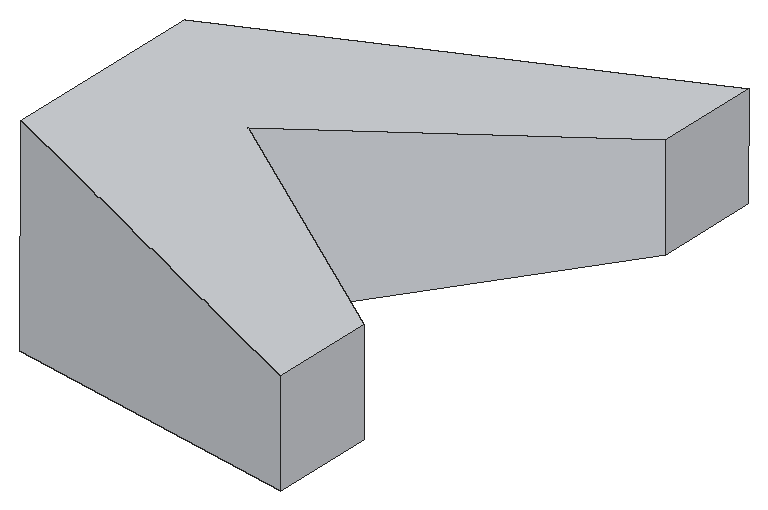
Revit family "5f623f9321c8467794fe5301d71fd99e", category Duct Fittings, Revit 2021
Family settings
  Round Connector Dimension = Use Diameter
  Part Type = Pants
  OmniClass Number = 23.75.70.14
  OmniClass Title = Air Ductwork
  Seek Item ID = Rectangular Pants - Reducing-0000-USA-ENU
  Work Plane-Based = No
  Always vertical = Yes
  Cut with Voids When Loaded = No
  Shared = No
Parameters (values of type "Standard")
  Duct Width 3 [instance] = 6"
  Duct Width 2 [instance] = 6"
  Duct Width 1 [instance] = 12"
  Duct Length 3 [instance] = Duct Width 1 / 2 + Duct Width 3 / 2 + 0' 2"  # 11"
  Duct Length 2 [instance] = Duct Width 1 / 2 + Duct Width 2 / 2 + 0' 2"  # 11"
  Duct Length 1 [instance] = Duct Width 1 * 2  # 24"
  Duct Height 3 [instance] = 6"
  Duct Height 2 [instance] = 6"
  Duct Height 1 [instance] = 12"
  Default Elevation = 0' - 0"
Reference planes (in)
  plane 1 "Center (Front/Back)": y = 0
  plane 2: z = 0
  plane 3 "Center (Left/Right)": x = 0
  plane 4: x = 24
  plane 5: y = 11
  plane 6: y = -11
  plane 7: y = 17
  plane 8: y = -17
  plane 9: z = 6
  plane 10: z = -6
  plane 11: y = 6
  plane 12: y = -6
  plane 13: y = 14
  plane 14: y = -14
  plane 15: z = 0
  plane 16: z = 0
Forms (in)
  Blend 1, solid, detail levels medium+fine
    base sketch origin (0, 0, 0) x (0, 1, 0) y (0, 0, 1)
      loop
        line (6, 6) -> (-6, 6) -> (-6, -6) -> (6, -6) -> (6, 6)
    top sketch origin (0, 0, 0) x (0, 1, 0) y (0, 0, 1)
      loop
        line (17, 6) -> (11, 6) -> (11, 0) -> (17, 0) -> (17, 6)
    from 0 to 24
  Blend 2, solid, detail levels medium+fine
    base sketch origin (0, 0, 0) x (0, 1, 0) y (0, 0, 1)
      loop
        line (6, 6) -> (-6, 6) -> (-6, -6) -> (6, -6) -> (6, 6)
    top sketch origin (0, 0, 0) x (0, 1, 0) y (0, 0, 1)
      loop
        line (-11, 6) -> (-17, 6) -> (-17, 0) -> (-11, 0) -> (-11, 6)
    from 0 to 24
Cuts and joins
  joined: Blend 1, Blend 2
Lines and regions (in)
  model lines, detail levels coarse
    curve 1: line (24, 14, 0) -> (0, 0, 0)
    curve 2: line (0, 0, 0) -> (24, -14, 0)
Dimensions and locks (in)
  "Duct Length 1": plane 3 "Center (Left/Right)" to plane 4
  "Duct Length 2": plane 5 to plane 1 "Center (Front/Back)"
  "Duct Length 3": plane 1 "Center (Front/Back)" to plane 6
  "Duct Width 2": plane 7 to plane 5
  "Duct Width 3": plane 6 to plane 8
  equal spacing: plane 9, plane 2, plane 10
  "Duct Height 1": plane 9 to plane 10
  equal spacing: plane 11, plane 1 "Center (Front/Back)", plane 12
  "Duct Width 1": plane 11 to plane 12
  equal spacing: plane 7, plane 13, plane 5
  equal spacing: plane 6, plane 14, plane 8
  "Duct Height 2": plane 9 to plane 15
  "Duct Height 3": plane 9 to plane 16
  aligned and locked: plane 11 to Blend 1 sketch curve
  aligned and locked: plane 9 to Blend 1 sketch curve  (x2)
  aligned and locked: plane 10 to Blend 1 sketch curve
  aligned and locked: plane 12 to Blend 1 sketch curve
  aligned and locked: plane 7 to Blend 1 sketch curve
  aligned and locked: plane 15 to Blend 1 sketch curve
  aligned and locked: plane 5 to Blend 1 sketch curve
  aligned and locked: Blend 1 to plane 3 "Center (Left/Right)"
  aligned and locked: plane 4 to Blend 1
  aligned and locked: Blend 2 sketch curve to plane 12
  aligned and locked: plane 10 to Blend 2 sketch curve
  aligned and locked: plane 11 to Blend 2 sketch curve
  aligned and locked: Blend 2 sketch curve to plane 9
  aligned and locked: plane 6 to Blend 2 sketch curve
  aligned and locked: plane 9 to Blend 2 sketch curve
  aligned and locked: plane 16 to Blend 2 sketch curve
  aligned and locked: plane 8 to Blend 2 sketch curve
  aligned and locked: Blend 2 to plane 3 "Center (Left/Right)"
  aligned and locked: plane 4 to Blend 2
  aligned and locked: Blend 1 to plane 4
  aligned and locked: plane 4 to curve 1
  aligned and locked: plane 13 to curve 1
  aligned and locked: plane 3 "Center (Left/Right)" to curve 1
  aligned and locked: plane 1 "Center (Front/Back)" to curve 1
  aligned and locked: plane 14 to curve 2
  aligned and locked: plane 4 to curve 2
Connectors (in)
  hvac at (0, 0, 0), driven by "Duct Height 1", driven by "Duct Width 1"
    settings: on cut or joined group of Blend 1, Blend 2, index 1, duct flow 0 CFM, flow factor 0, pres drop 0.00 in-wg, loss coef 0, conn angle 0.00°, conn width 12", conn height 12", conn diameter 24", duct sys type 28, conn prof type 1, flow config 0, flow direction 0, loss method 0, conn ref index -1, conn util no, is conn primary yes, conn desc ""
  hvac at (24, 14, 3), driven by "Duct Width 2", driven by "Duct Height 2"
    settings: on cut or joined group of Blend 1, Blend 2, index 2, duct flow 0 CFM, flow factor 0, pres drop 0.00 in-wg, loss coef 0, conn angle 0.00°, conn width 6", conn height 6", conn diameter 24", duct sys type 28, conn prof type 1, flow config 0, flow direction 0, loss method 0, conn ref index -1, conn util no, is conn primary no, conn desc ""
  hvac at (24, -14, 3), driven by "Duct Width 3", driven by "Duct Height 3"
    settings: on cut or joined group of Blend 1, Blend 2, index 3, duct flow 0 CFM, flow factor 0, pres drop 0.00 in-wg, loss coef 0, conn angle 0.00°, conn width 6", conn height 6", conn diameter 24", duct sys type 28, conn prof type 1, flow config 0, flow direction 0, loss method 0, conn ref index -1, conn util no, is conn primary no, conn desc ""
